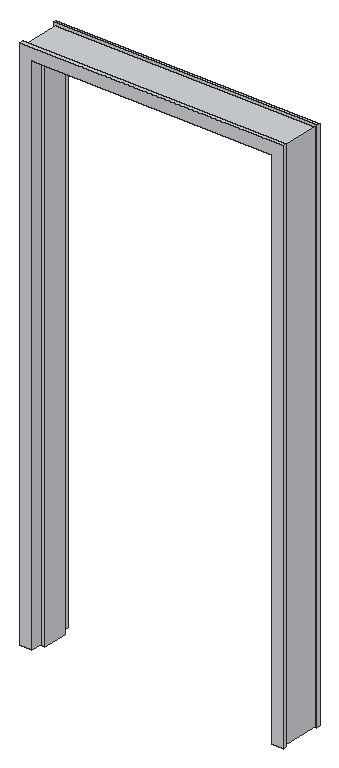
Revit family "BG_DOR_Swing-Single", category Doors, host Wall, Revit 2020
Family settings
  Host = Wall
  OmniClass Number = 23.30.10.00
  OmniClass Title = Doors
  Always vertical = Yes
  Cut with Voids When Loaded = No
  Shared = No
  Room Calculation Point = No
Parameters (values of type "D.SGL - 920x2040")
  Throat I [instance] = (BG_DIM_HostThickness1 / 2) + BG_DIMd_ThroatOffsetI  # 75 mm
  Throat E [instance] = (BG_DIM_HostThickness1 / 2) + BG_DIMd_ThroatOffsetE  # 75 mm
  Function = Interior
  Height = BG_DIMd_LeafHeight1 + BG_DIMd_FrameWidth1  # 2080 mm
  Wall Closure = By host
  Width = BG_DIMd_LeafWidth1 + (2 * BG_DIMd_FrameWidth1)  # 1000 mm
  Frame type [instance] = BG_DORc_DoorFrame-DoubleRebate : Double Rebate
  BG_MATd_Frame1 = none
  BG_DIMd_ThroatOffsetI [instance] = 0 mm
  BG_DIMd_ThroatOffsetE [instance] = 0 mm
  BG_DIMd_LeafWidth1 = 920 mm
  BG_DIMd_LeafThickness1 = 40 mm
  BG_DIMd_LeafHeight1 = 2040 mm
  BG_DIMd_FrameWidth1 = 40 mm
  BG_DIM_HostThickness1 [instance] = 150 mm
Reference planes
  plane 1: y = 0
  plane 2 "Center (Left/Right)": x = 0
  plane 3 "Left": x = -500
  plane 4 "Right": x = 500
  plane 5: z = 2080
  plane 6 "Exterior": y = 75
  plane 7 "Interior": y = -75
  plane 8: y = 75
  plane 9: y = 87
  plane 10: y = 47
Lines and regions (mm)
  Opening 1
    outline origin (-3050, -75, 0) x (1, 0, 0) y (0, 0, 1)
      loop
        line (2550, 0) -> (3550, 0) -> (3550, 2080) -> (2550, 2080) -> (2550, 0)
  symbolic lines, style "Elevation Swing"
    curve 1: line (500, -75, 1040) -> (-500, -75, 2080)
    curve 2: line (500, -75, 1040) -> (-500, -75, 0)
Text (mm)
  text "Exterior" at (-2295.016, 1099.543, 0), in view "Ref. Level"
  text "Exterior" at (0, 1615.38, 3698.081), in view "Left"
  text "Exterior" at (0, 1036.032, 3874.932), in view "Right"
Dimensions and locks
  equal spacing: plane 3 "Left", plane 2 "Center (Left/Right)", plane 4 "Right"
  "Width": plane 3 "Left" to plane 4 "Right"
  "Height": plane 5 to host wall
  equal spacing: host wall, curve 2, plane 5
  host wall to plane 5 = 2080 mm
  locked: plane 6 "Exterior" to host wall
  locked: plane 7 "Interior" to host wall
  "BG_DIM_HostThickness1": host wall to host wall
  "BG_DIMd_LeafThickness1": plane 9 to plane 10
  locked: plane 9 to plane 8 at 12
  "BG_DIMd_ThroatOffsetE": plane 8 to plane 6 "Exterior"
  aligned and locked: plane 3 "Left" to Opening 1 sketch curve
  aligned and locked: plane 5 to Opening 1 sketch curve  (x2)
  aligned and locked: Opening 1 sketch curve to plane 4 "Right"
  aligned and locked: Opening 1 sketch curve to level
  aligned and locked: plane 5 to curve 1
  aligned and locked: plane 3 "Left" to curve 2
  aligned and locked: plane 1 to host wall
  aligned and locked: plane 3 "Left" to curve 1
  aligned and locked: plane 4 "Right" to nested 1
  aligned and locked: plane 1 to nested 1
Automatic sketch dimensions
  plane 4 "Right" to curve 2 = 0 mm
  curve 2 to level = 0 mm
Nested families
  nested 1: "BG_DORc_DoorFrame-DoubleRebate" at (500, 0, 0), Finish <- "BG_MATd_Frame1", Width <- "Width", Height <- "Height", Frame width <- "BG_DIMd_FrameWidth1", type <- "Frame type", Throat E <- "Throat E", Throat I <- "Throat I", Door rebate <- "BG_DIMd_LeafThickness1", type "Double Rebate"
    with Width 1000 mm, Trim projection V 12 mm, Trim projection H 10 mm, Throat I 75 mm, Throat E 75 mm, Hinge gap 3 mm, Height 2080 mm, Frame width 40 mm, Finish none, Door rebate 40 mm
Definition of nested family "BG_DORc_DoorFrame-DoubleRebate"
  Parameters (values of type "Double Rebate")
    Width [instance] = 920 mm
    Trim projection V [instance] = 12 mm
    Trim projection H [instance] = 10 mm
    Throat I [instance] = 50 mm
    Throat E [instance] = 50 mm
    Hinge gap [instance] = 3 mm
    Height [instance] = 2040 mm
    Frame width [instance] = 40 mm
    Finish [instance] = none
    Door rebate [instance] = 40 mm
    Default Elevation = 1219.2 mm
  Reference planes
    plane 1 "Center (Front/Back)": y = 0
    plane 2: z = 0
    plane 3 "Right": x = 0
    plane 4 "Left": x = -920
    plane 5: z = 2040
  Forms (mm)
    Sweep 1, solid, material <- "Finish"
      path origin (0, 0, 0) x (1, 0, 0) y (0, 0, 1)
        loop
          line (-920, 0) -> (-920, 2040) -> (0, 2040) -> (0, 0)
      profile "BG_PRF_DoorFrame-DoubleRebate : Double rebate" origin (-920, 0, 1020) x (-1, 0, 0) y (0, -1, 0)
        loop
          line (10, 62) -> (-37, 62) -> (-37, 22) -> (-55.541, 22) -> (-55.541, -22) -> (-37, -22) -> (-37, -62) -> (10, -62) -> (10, -50) -> (0, -50) -> (0, 50) -> (10, 50) -> (10, 62)
  Dimensions and locks
    "Width": plane 4 "Left" to plane 3 "Right"
    "Height": plane 5 to level
    aligned and locked: level to plane 2
    aligned and locked: Sweep 1 sketch curve to plane 4 "Left"
    aligned and locked: Sweep 1 sketch curve to plane 5
    aligned and locked: Sweep 1 sketch curve to plane 3 "Right"
    aligned and locked: level to Sweep 1 sketch curve  (x2)
